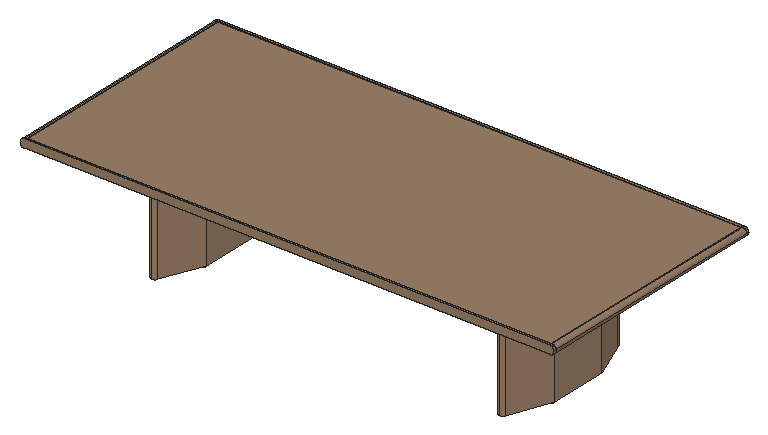
Revit family "Table-Teknion-CFTBFH_Figure_Table_Rectangular_Hexa_Panel_Base_Bullnose_Flat_Edge-R2023", category Furniture, Revit 2023 (continued)
Definition of nested family "Hexa Panel"
  Dimensions and locks (in)
    aligned and locked: curve 17 to cut or joined group of Sweep 1, Sweep 2, Sweep 3
    aligned and locked: curve 18 to cut or joined group of Sweep 1, Sweep 2, Sweep 3
    aligned and locked: curve 19 to cut or joined group of Sweep 1, Sweep 2, Sweep 3
    aligned and locked: curve 21 to cut or joined group of Sweep 1, Sweep 2, Sweep 3
    aligned and locked: curve 22 to cut or joined group of Sweep 1, Sweep 2, Sweep 3
    aligned and locked: curve 24 to cut or joined group of Sweep 1, Sweep 2, Sweep 3
    aligned and locked: curve 25 to cut or joined group of Sweep 1, Sweep 2, Sweep 3
    aligned and locked: curve 26 to cut or joined group of Sweep 1, Sweep 2, Sweep 3
    aligned and locked: curve 27 to cut or joined group of Sweep 1, Sweep 2, Sweep 3
    aligned and locked: curve 28 to cut or joined group of Sweep 1, Sweep 2, Sweep 3
    aligned and locked: curve 29 to cut or joined group of Revolve 4, Revolve 5, Revolve 6, Revolve 7, Revolve 8, Revolve 9, Sweep 10
    aligned and locked: curve 30 to cut or joined group of Revolve 4, Revolve 5, Revolve 6, Revolve 7, Revolve 8, Revolve 9, Sweep 10
    aligned and locked: curve 31 to cut or joined group of Revolve 4, Revolve 5, Revolve 6, Revolve 7, Revolve 8, Revolve 9, Sweep 10
    aligned and locked: curve 32 to cut or joined group of Revolve 4, Revolve 5, Revolve 6, Revolve 7, Revolve 8, Revolve 9, Sweep 10
    aligned and locked: curve 33 to cut or joined group of Revolve 4, Revolve 5, Revolve 6, Revolve 7, Revolve 8, Revolve 9, Sweep 10
    aligned and locked: curve 34 to cut or joined group of Revolve 4, Revolve 5, Revolve 6, Revolve 7, Revolve 8, Revolve 9, Sweep 10
    aligned and locked: curve 35 to cut or joined group of Revolve 4, Revolve 5, Revolve 6, Revolve 7, Revolve 8, Revolve 9, Sweep 10
    aligned and locked: curve 36 to cut or joined group of Revolve 4, Revolve 5, Revolve 6, Revolve 7, Revolve 8, Revolve 9, Sweep 10
    aligned and locked: curve 37 to cut or joined group of Revolve 4, Revolve 5, Revolve 6, Revolve 7, Revolve 8, Revolve 9, Sweep 10
    aligned and locked: curve 38 to cut or joined group of Revolve 4, Revolve 5, Revolve 6, Revolve 7, Revolve 8, Revolve 9, Sweep 10
    aligned and locked: curve 39 to cut or joined group of Revolve 4, Revolve 5, Revolve 6, Revolve 7, Revolve 8, Revolve 9, Sweep 10
    aligned and locked: curve 40 to cut or joined group of Revolve 4, Revolve 5, Revolve 6, Revolve 7, Revolve 8, Revolve 9, Sweep 10
    aligned and locked: curve 41 to cut or joined group of Revolve 4, Revolve 5, Revolve 6, Revolve 7, Revolve 8, Revolve 9, Sweep 10
    aligned and locked: curve 42 to cut or joined group of Revolve 4, Revolve 5, Revolve 6, Revolve 7, Revolve 8, Revolve 9, Sweep 10
    aligned and locked: curve 43 to cut or joined group of Revolve 4, Revolve 5, Revolve 6, Revolve 7, Revolve 8, Revolve 9, Sweep 10
    aligned and locked: curve 44 to cut or joined group of Revolve 4, Revolve 5, Revolve 6, Revolve 7, Revolve 8, Revolve 9, Sweep 10
    aligned and locked: curve 45 to cut or joined group of Revolve 4, Revolve 5, Revolve 6, Revolve 7, Revolve 8, Revolve 9, Sweep 10
    aligned and locked: curve 46 to cut or joined group of Revolve 4, Revolve 5, Revolve 6, Revolve 7, Revolve 8, Revolve 9, Sweep 10
    aligned and locked: curve 47 to cut or joined group of Revolve 4, Revolve 5, Revolve 6, Revolve 7, Revolve 8, Revolve 9, Sweep 10
    aligned and locked: curve 48 to cut or joined group of Revolve 4, Revolve 5, Revolve 6, Revolve 7, Revolve 8, Revolve 9, Sweep 10
    aligned and locked: curve 49 to cut or joined group of Revolve 4, Revolve 5, Revolve 6, Revolve 7, Revolve 8, Revolve 9, Sweep 10
    aligned and locked: curve 50 to cut or joined group of Revolve 4, Revolve 5, Revolve 6, Revolve 7, Revolve 8, Revolve 9, Sweep 10
    aligned and locked: curve 51 to cut or joined group of Revolve 4, Revolve 5, Revolve 6, Revolve 7, Revolve 8, Revolve 9, Sweep 10
    aligned and locked: curve 52 to cut or joined group of Revolve 4, Revolve 5, Revolve 6, Revolve 7, Revolve 8, Revolve 9, Sweep 10
    aligned and locked: curve 53 to cut or joined group of Revolve 4, Revolve 5, Revolve 6, Revolve 7, Revolve 8, Revolve 9, Sweep 10
    aligned and locked: curve 54 to cut or joined group of Revolve 4, Revolve 5, Revolve 6, Revolve 7, Revolve 8, Revolve 9, Sweep 10
    aligned and locked: curve 55 to cut or joined group of Revolve 4, Revolve 5, Revolve 6, Revolve 7, Revolve 8, Revolve 9, Sweep 10
    aligned and locked: curve 56 to cut or joined group of Revolve 4, Revolve 5, Revolve 6, Revolve 7, Revolve 8, Revolve 9, Sweep 10
    aligned and locked: curve 57 to cut or joined group of Revolve 4, Revolve 5, Revolve 6, Revolve 7, Revolve 8, Revolve 9, Sweep 10
    aligned and locked: curve 58 to cut or joined group of Revolve 4, Revolve 5, Revolve 6, Revolve 7, Revolve 8, Revolve 9, Sweep 10
    aligned and locked: curve 59 to cut or joined group of Revolve 4, Revolve 5, Revolve 6, Revolve 7, Revolve 8, Revolve 9, Sweep 10
    aligned and locked: curve 60 to cut or joined group of Revolve 4, Revolve 5, Revolve 6, Revolve 7, Revolve 8, Revolve 9, Sweep 10
    aligned and locked: curve 61 to cut or joined group of Revolve 4, Revolve 5, Revolve 6, Revolve 7, Revolve 8, Revolve 9, Sweep 10
    aligned and locked: curve 62 to cut or joined group of Revolve 4, Revolve 5, Revolve 6, Revolve 7, Revolve 8, Revolve 9, Sweep 10
    aligned and locked: curve 63 to cut or joined group of Revolve 4, Revolve 5, Revolve 6, Revolve 7, Revolve 8, Revolve 9, Sweep 10
    aligned and locked: curve 64 to cut or joined group of Revolve 4, Revolve 5, Revolve 6, Revolve 7, Revolve 8, Revolve 9, Sweep 10
    aligned and locked: curve 65 to cut or joined group of Revolve 4, Revolve 5, Revolve 6, Revolve 7, Revolve 8, Revolve 9, Sweep 10
    aligned and locked: curve 66 to cut or joined group of Revolve 4, Revolve 5, Revolve 6, Revolve 7, Revolve 8, Revolve 9, Sweep 10
    aligned and locked: curve 67 to cut or joined group of Revolve 4, Revolve 5, Revolve 6, Revolve 7, Revolve 8, Revolve 9, Sweep 10
    aligned and locked: curve 68 to cut or joined group of Revolve 4, Revolve 5, Revolve 6, Revolve 7, Revolve 8, Revolve 9, Sweep 10
    aligned and locked: curve 69 to cut or joined group of Revolve 4, Revolve 5, Revolve 6, Revolve 7, Revolve 8, Revolve 9, Sweep 10
    aligned and locked: curve 70 to cut or joined group of Revolve 4, Revolve 5, Revolve 6, Revolve 7, Revolve 8, Revolve 9, Sweep 10
    aligned and locked: curve 71 to cut or joined group of Revolve 4, Revolve 5, Revolve 6, Revolve 7, Revolve 8, Revolve 9, Sweep 10
    aligned and locked: curve 72 to cut or joined group of Revolve 4, Revolve 5, Revolve 6, Revolve 7, Revolve 8, Revolve 9, Sweep 10
    aligned and locked: curve 73 to cut or joined group of Revolve 4, Revolve 5, Revolve 6, Revolve 7, Revolve 8, Revolve 9, Sweep 10
    aligned and locked: curve 74 to cut or joined group of Revolve 4, Revolve 5, Revolve 6, Revolve 7, Revolve 8, Revolve 9, Sweep 10
    aligned and locked: curve 75 to cut or joined group of Revolve 4, Revolve 5, Revolve 6, Revolve 7, Revolve 8, Revolve 9, Sweep 10
    aligned and locked: curve 76 to cut or joined group of Revolve 4, Revolve 5, Revolve 6, Revolve 7, Revolve 8, Revolve 9, Sweep 10
    aligned and locked: curve 77 to plane 6 "Back"
    aligned and locked: plane 7 "Front" to curve 78
  Automatic sketch dimensions
    Sweep 1 sketch curve to profile plane = 0.000"  (x2)
    Sweep 3 sketch curve to profile plane = 0.000"  (x2)
    Revolve 4 sketch curve to level = 0.69828"
    plane 13 to Revolve 4 sketch curve = 0.15926"
    Revolve 5 sketch curve to plane 13 = 0.07146"
    Revolve 5 sketch curve to level = 0.48144"
    Revolve 6 sketch curve to plane 13 = 0.0769"
    Revolve 6 sketch curve to level = 0.3269"
    level to Revolve 7 sketch curve = 0.23252"
    plane 13 to Revolve 7 sketch curve = 0.09564"
    level to Revolve 9 sketch curve = 0.54196"
    Revolve 9 sketch curve to plane 13 = 0.1177"
    level to Revolve 8 sketch curve = 0.45393"
    plane 13 to Revolve 8 sketch curve = 0.08613"
    curve 4 to plane 3 "Center Left/Right" = 0.000"
    curve 9 to plane 3 "Center Left/Right" = 0.000"
    curve 5 to curve 13 = 0.02292"
    curve 14 to curve 2 = 0.02292"
    curve 23 to curve 24 = 0.000"
    curve 25 to plane 3 "Center Left/Right" = 0.000"
    plane 10 "2" to curve 19 = 0.19941"
    curve 28 to plane 3 "Center Left/Right" = 0.000"
    plane 11 "4" to curve 65 = 0.000"
    plane 11 "4" to curve 66 = 0.000"
    plane 12 "3" to curve 67 = 0.000"
    plane 12 "3" to curve 68 = 0.000"
    plane 12 "3" to curve 69 = 0.000"
    plane 12 "3" to curve 70 = 0.000"
    curve 71 to plane 10 "2" = 0.000"
    curve 72 to plane 10 "2" = 0.000"
    curve 73 to plane 10 "2" = 0.000"
    curve 74 to plane 10 "2" = 0.000"
    curve 75 to plane 9 "1" = 0.000"  (x2)
    curve 3 to curve 16 = 0.02969"
    curve 16 to curve 4 = 0.02969"
    curve 10 to curve 11 = 0.02969"
    curve 11 to curve 9 = 0.02969"
Definition of nested family "12 Inch Standard Recessed Access Door"
  Parameters (values of type "12 Inch Compact Recessed Access Door")
    Warranty = "http://www.teknion.com/ca/papers/legal-canada"
    Unit Weight URL = "http://www.teknion.com/ca/tools/assets#&asset=bee6a381-b954-425e-8283-5a2de3a804f2,f828d448-4b62-4231-9e5f-9a8991c0ed77"
    URL = "www.teknion.com"
    To render please download texture images found here [instance] = "https://assets.teknion.com/web/5e81352c1dfdb467/revit-material-swatches/"
    Sustainability Data = "https://www.teknion.com/ca/tools/assets#&topic=216f99a5-57a0-44fc-b10a-9dee9b29ae4c&asset=444deb64-fe58-4b68-981e-f75e97781df7,b4ff2d81-9f2e-437d-9659-7cffb09c31cf"
    Series = ""
    Product Page URL = ""
    Product Line = ""
    Product Documentation Link = ""
    Part Number = ""
    Model = "1"
    Manufacturer Phone = "416-661-3370"  # constant formula
    Manufacturer Fax = "416.661.4586"  # constant formula
    Manufacturer Contact Information = "http://www.teknion.com/ca/contactus"
    Manufacturer Address = "1150 Flint Road, Toronto, ON. M3J 2J5. Canada"  # constant formula
    Manufacturer = "Teknion"  # constant formula
    How To Use Teknion Materials User Guide [instance] = "https://assets.teknion.com/m/205dd0a49fa58060/original/How-to-add-a-Material-Library-and-Texture-Images-to-your-Revit-project.pdf"
    For Additional Finishes please visit [instance] = "https://assets.teknion.com/m/44a8009b046e5d47/original/Teknion_Materials_Library.zip"
    Finish [instance] = none
    Description = "12 Inch Compact Recessed Access Door"
    Default Elevation = 0.000"
    Assembly Code = "E2020200"
  Reference planes (in)
    plane 1 "Center Front/Back": y = -150
    plane 2: z = 0
    plane 3 "Center Left/Right": x = 1350
    plane 4 "Left": x = 1343.97244
    plane 5 "Right": x = 1356.02756
    plane 6 "Back": y = -147.19685
    plane 7 "Front": y = -152.80315
    plane 8 "Top": z = 29.06
    plane 9: z = 29.13087
    plane 10: z = 27.55606
  Forms (in)
    Sweep 1, solid, material <- "Finish"
      path origin (0, -150, 0) x (1, 0, 0) y (0, 0, 1)
        loop
          line (1350, 29.0915) -> (1350, 28.93402)
      profile origin (1350, -150, 29.01276) x (0, -1, 0) y (1, 0, 0)
        loop
          line (-1.96727, 5.55118) -> (-1.96727, -5.55118)
          arc (-1.96727, -5.55118) -> (-1.93304, -5.63382) -> (-1.85039, -5.66805) r 0.11687
          line (-1.85039, -5.66805) -> (1.85039, -5.66805)
          arc (1.85039, -5.66805) -> (1.93304, -5.63382) -> (1.96727, -5.55118) r 0.11687
          line (1.96727, -5.55118) -> (1.96727, 5.55118)
          arc (1.96727, 5.55118) -> (1.93304, 5.63382) -> (1.85039, 5.66805) r 0.11687
          line (1.85039, 5.66805) -> (-1.85039, 5.66805)
          arc (-1.85039, 5.66805) -> (-1.93304, 5.63382) -> (-1.96727, 5.55118) r 0.11687
    Sweep 2, solid, material <- "Finish"
      path origin (0, 0, 0) x (1, 0, 0) y (0, 1, 0)
        loop
          line (1345.02559, -150.97077) -> (1345.50591, -150.97077)
      profile origin (1345.26575, -150.97077, 0) x (0, 1, 0) y (0, 0, 1)
        loop
          arc (-0.58221, 28.65831) -> (-0.29695, 28.37305) -> (-0.01169, 28.65831) r 0.28526
          line (-0.01169, 28.65831) -> (0, 28.99307) -> (-0.5939, 28.99307) -> (-0.58221, 28.65831)
    Sweep 3, solid, material <- "Finish"
      path origin (4.42913, 2.53543, 0) x (1, 0, 0) y (0, 1, 0)
        loop
          line (1350.06496, -150.97077) -> (1350.54528, -150.97077)
      profile origin (1354.73425, -148.43533, 0) x (0, 1, 0) y (0, 0, 1)
        loop
          arc (-0.58221, 28.65831) -> (-0.29695, 28.37305) -> (-0.01169, 28.65831) r 0.28526
          line (-0.01169, 28.65831) -> (0, 28.99307) -> (-0.5939, 28.99307) -> (-0.58221, 28.65831)
    Sweep 4, solid, material <- "Finish"
      path origin (0, 0, 0) x (1, 0, 0) y (0, 1, 0)
        loop
          line (1344.95276, -150) -> (1344.53543, -150)
      profile origin (1344.74409, -150, 0) x (0, -1, 0) y (0, 0, 1)
        loop
          line (1.26772, 28.9537) -> (-1.26772, 28.9537)
          arc (-1.26772, 28.9537) -> (-1.46955, 28.8701) -> (-1.55315, 28.66827) r 0.28543
          arc (-1.55315, 28.66827) -> (-1.46955, 28.46644) -> (-1.26772, 28.38283) r 0.28543
          line (-1.26772, 28.38283) -> (1.26772, 28.38283)
          arc (1.26772, 28.38283) -> (1.46955, 28.46644) -> (1.55315, 28.66827) r 0.28543
          arc (1.55315, 28.66827) -> (1.46955, 28.8701) -> (1.26772, 28.9537) r 0.28543
    Sweep 5, solid, material <- "Finish"
      path origin (2700, 0, 0) x (-1, 0, 0) y (0, -1, 0)
        loop
          line (1344.95276, 150) -> (1344.53543, 150)
      profile origin (1355.25591, -150, 0) x (0, 1, 0) y (0, 0, 1)
        loop
          arc (-1.26772, 28.9537) -> (-1.46955, 28.8701) -> (-1.55315, 28.66827) r 0.28543
          arc (-1.55315, 28.66827) -> (-1.46955, 28.46644) -> (-1.26772, 28.38283) r 0.28543
          line (-1.26772, 28.38283) -> (1.26772, 28.38283)
          arc (1.26772, 28.38283) -> (1.46955, 28.46644) -> (1.55315, 28.66827) r 0.28543
          arc (1.55315, 28.66827) -> (1.46955, 28.8701) -> (1.26772, 28.9537) r 0.28543
          line (1.26772, 28.9537) -> (-1.26772, 28.9537)
    Sweep 6, solid, material <- "Finish"
      path origin (0, -150, 0) x (1, 0, 0) y (0, 0, 1)
        loop
          line (1350, 28.30172) -> (1350, 27.55606)
      profile origin (1350, -150, 27.92889) x (0, -1, 0) y (1, 0, 0)
        loop
          line (1.35626, -5.83069) -> (2.28346, -5.83069)
          arc (2.28346, -5.83069) -> (2.51173, -5.73614) -> (2.60628, -5.50787) r 0.32281
          line (2.60628, -5.50787) -> (2.60628, 5.50787)
          arc (2.60628, 5.50787) -> (2.51173, 5.73614) -> (2.28346, 5.83069) r 0.32281
          line (2.28346, 5.83069) -> (1.35626, 5.83069) -> (-1.35626, 5.83069) -> (-2.28346, 5.83069)
          arc (-2.28346, 5.83069) -> (-2.51173, 5.73614) -> (-2.60628, 5.50787) r 0.32281
          line (-2.60628, 5.50787) -> (-2.60628, -5.50787)
          arc (-2.60628, -5.50787) -> (-2.51173, -5.73614) -> (-2.28346, -5.83069) r 0.32281
          line (-2.28346, -5.83069) -> (-1.35626, -5.83069) -> (1.35626, -5.83069)
        loop
          arc (2.28346, -5.74014) -> (2.4477, -5.67211) -> (2.51573, -5.50787) r 0.23226
          line (2.51573, -5.50787) -> (2.51573, 5.50787)
          arc (2.51573, 5.50787) -> (2.4477, 5.67211) -> (2.28346, 5.74014) r 0.23226
          line (2.28346, 5.74014) -> (1.44686, 5.74014) -> (1.44686, 5.10236) -> (-1.44686, 5.10236) -> (-1.44686, 5.74014) -> (-2.28346, 5.74014)
          arc (-2.28346, 5.74014) -> (-2.4477, 5.67211) -> (-2.51573, 5.50787) r 0.23226
          line (-2.51573, 5.50787) -> (-2.51573, -5.50787)
          arc (-2.51573, -5.50787) -> (-2.4477, -5.67211) -> (-2.28346, -5.74014) r 0.23226
          line (-2.28346, -5.74014) -> (-1.44686, -5.74014) -> (-1.44686, -5.10236) -> (1.44686, -5.10236) -> (1.44686, -5.74014) -> (2.28346, -5.74014)
    SweptBlend 7, solid, material <- "Finish"
      path origin (0, -150, 0) x (1, 0, 0) y (0, 0, 1)
        loop
          line (1350, 28.30172) -> (1350, 29.06)
      profile origin (1350, -150, 28.30172) x (-1, 0, 0) y (0, -1, 0)
        loop
          line (5.50787, 2.60628) -> (-5.50787, 2.60628)
          arc (-5.50787, 2.60628) -> (-5.73614, 2.51173) -> (-5.83069, 2.28346) r 0.32281
          line (-5.83069, 2.28346) -> (-5.83069, -2.28346)
          arc (-5.83069, -2.28346) -> (-5.73614, -2.51173) -> (-5.50787, -2.60628) r 0.32281
          line (-5.50787, -2.60628) -> (5.50787, -2.60628)
          arc (5.50787, -2.60628) -> (5.73614, -2.51173) -> (5.83069, -2.28346) r 0.32281
          line (5.83069, -2.28346) -> (5.83069, 2.28346)
          arc (5.83069, 2.28346) -> (5.73614, 2.51173) -> (5.50787, 2.60628) r 0.32281
      end profile origin (1350, -150, 29.06) x (-1, 0, 0) y (0, -1, 0)
        loop
          line (5.50787, 2.64602) -> (-5.50787, 2.64602)
          arc (-5.50787, 2.64602) -> (-5.76424, 2.53983) -> (-5.87043, 2.28346) r 0.36255
          line (-5.87043, 2.28346) -> (-5.87043, -2.28346)
          arc (-5.87043, -2.28346) -> (-5.76424, -2.53983) -> (-5.50787, -2.64602) r 0.36255
          line (-5.50787, -2.64602) -> (5.50787, -2.64602)
          arc (5.50787, -2.64602) -> (5.76424, -2.53983) -> (5.87043, -2.28346) r 0.36255
          line (5.87043, -2.28346) -> (5.87043, 2.28346)
          arc (5.87043, 2.28346) -> (5.76424, 2.53983) -> (5.50787, 2.64602) r 0.36255
    SweptBlend 8, void
      path origin (0, -150, 0) x (1, 0, 0) y (0, 0, 1)
        loop
          line (1350, 28.30172) -> (1350, 29.13087)
      profile origin (1350, -150, 28.30172) x (-1, 0, 0) y (0, -1, 0)
        loop
          arc (-5.50787, 2.51573) -> (-5.67211, 2.4477) -> (-5.74014, 2.28346) r 0.23226
          line (-5.74014, 2.28346) -> (-5.74014, -2.28346)
          arc (-5.74014, -2.28346) -> (-5.67211, -2.4477) -> (-5.50787, -2.51573) r 0.23226
          line (-5.50787, -2.51573) -> (5.50787, -2.51573)
          arc (5.50787, -2.51573) -> (5.67211, -2.4477) -> (5.74014, -2.28346) r 0.23226
          line (5.74014, -2.28346) -> (5.74014, 2.28346)
          arc (5.74014, 2.28346) -> (5.67211, 2.4477) -> (5.50787, 2.51573) r 0.23226
          line (5.50787, 2.51573) -> (-5.50787, 2.51573)
      end profile origin (1350, -150, 29.13087) x (-1, 0, 0) y (0, -1, 0)
        loop
          arc (5.78346, 2.28346) -> (5.70275, 2.47834) -> (5.50787, 2.55906) r 0.27559
          line (5.50787, 2.55906) -> (-5.50787, 2.55906)
          arc (-5.50787, 2.55906) -> (-5.70275, 2.47834) -> (-5.78346, 2.28346) r 0.27559
          line (-5.78346, 2.28346) -> (-5.78346, -2.28346)
          arc (-5.78346, -2.28346) -> (-5.70275, -2.47834) -> (-5.50787, -2.55906) r 0.27559
          line (-5.50787, -2.55906) -> (5.50787, -2.55906)
          arc (5.50787, -2.55906) -> (5.70275, -2.47834) -> (5.78346, -2.28346) r 0.27559
          line (5.78346, -2.28346) -> (5.78346, 2.28346)
    Sweep 9, solid, material <- "Finish"
      path origin (0, -150, 0) x (1, 0, 0) y (0, 0, 1)
        loop
          line (1350, 29.13087) -> (1350, 29.06)
      profile origin (1350, -150, 29.09543) x (0, -1, 0) y (1, 0, 0)
        loop
          arc (-2.80315, -5.56299) -> (-2.66708, -5.89149) -> (-2.33858, -6.02756) r 0.46457
          line (-2.33858, -6.02756) -> (2.33858, -6.02756)
          arc (2.33858, -6.02756) -> (2.66708, -5.89149) -> (2.80315, -5.56299) r 0.46457
          line (2.80315, -5.56299) -> (2.80315, 5.56299)
          arc (2.80315, 5.56299) -> (2.66708, 5.89149) -> (2.33858, 6.02756) r 0.46457
          line (2.33858, 6.02756) -> (-2.33858, 6.02756)
          arc (-2.33858, 6.02756) -> (-2.66708, 5.89149) -> (-2.80315, 5.56299) r 0.46457
          line (-2.80315, 5.56299) -> (-2.80315, -5.56299)
        loop
          arc (-2.55535, -5.50787) -> (-2.47572, -5.70013) -> (-2.28346, -5.77976) r 0.27189
          line (-2.28346, -5.77976) -> (2.28346, -5.77976)
          arc (2.28346, -5.77976) -> (2.47572, -5.70013) -> (2.55535, -5.50787) r 0.27189
          line (2.55535, -5.50787) -> (2.55535, 5.50787)
          arc (2.55535, 5.50787) -> (2.47572, 5.70013) -> (2.28346, 5.77976) r 0.27189
          line (2.28346, 5.77976) -> (-2.28346, 5.77976)
          arc (-2.28346, 5.77976) -> (-2.47572, 5.70013) -> (-2.55535, 5.50787) r 0.27189
          line (-2.55535, 5.50787) -> (-2.55535, -5.50787)
    Sweep 10, solid, material <- "Finish"
      path origin (0, 0, 0) x (1, 0, 0) y (0, 1, 0)
        loop
          line (1344.50394, -150) -> (1344.19923, -150)
      profile origin (1344.35158, -150, 0) x (0, -1, 0) y (0, 0, 1)
        loop
          line (-1.55173, 28.30409) -> (-1.47299, 28.30409) -> (-1.47161, 28.34346) -> (1.47161, 28.34346) -> (1.47299, 28.30409) -> (1.55173, 28.30409) -> (1.53742, 28.71391)
          arc (1.53742, 28.71391) -> (1.46543, 28.87559) -> (1.30134, 28.94189) r 0.23622
          line (1.30134, 28.94189) -> (-1.30134, 28.94189)
          arc (-1.30134, 28.94189) -> (-1.46543, 28.87559) -> (-1.53742, 28.71391) r 0.23622
          line (-1.53742, 28.71391) -> (-1.55173, 28.30409)
    Sweep 11, solid, material <- "Finish"
      path origin (2700, 0, 0) x (-1, 0, 0) y (0, -1, 0)
        loop
          line (1344.50394, 150) -> (1344.19923, 150)
      profile origin (1355.64842, -150, 0) x (0, 1, 0) y (0, 0, 1)
        loop
          line (1.55173, 28.30409) -> (1.53742, 28.71391)
          arc (1.53742, 28.71391) -> (1.46543, 28.87559) -> (1.30134, 28.94189) r 0.23622
          line (1.30134, 28.94189) -> (-1.30134, 28.94189)
          arc (-1.30134, 28.94189) -> (-1.46543, 28.87559) -> (-1.53742, 28.71391) r 0.23622
          line (-1.53742, 28.71391) -> (-1.55173, 28.30409) -> (-1.47299, 28.30409) -> (-1.47161, 28.34346) -> (1.47161, 28.34346) -> (1.47299, 28.30409) -> (1.55173, 28.30409)
  Cuts and joins
    joined: Sweep 2, Sweep 3
    SweptBlend 8 cuts SweptBlend 7
    joined: Sweep 6, SweptBlend 7, Sweep 9, Sweep 10, Sweep 11
  Lines and regions (in)
    Masking region 1
      outline origin (-2.51969, 0, 0) x (1, 0, 0) y (0, 1, 0)
        loop
          line (1358.08268, -147.19685) -> (1346.95669, -147.19685)
          arc (1346.95669, -147.19685) -> (1346.62819, -147.33292) -> (1346.49213, -147.66142) r 0.46457
          line (1346.49213, -147.66142) -> (1346.49213, -152.33858)
          arc (1346.49213, -152.33858) -> (1346.62819, -152.66708) -> (1346.95669, -152.80315) r 0.46457
          line (1346.95669, -152.80315) -> (1358.08268, -152.80315)
          arc (1358.08268, -152.80315) -> (1358.41118, -152.66708) -> (1358.54724, -152.33858) r 0.46457
          line (1358.54724, -152.33858) -> (1358.54724, -147.66142)
          arc (1358.54724, -147.66142) -> (1358.41118, -147.33292) -> (1358.08268, -147.19685) r 0.46457
        loop
          line (1346.77955, -148.44827) -> (1346.85163, -148.44827) -> (1346.85163, -148.14961)
          arc (1346.85163, -148.14961) -> (1346.88586, -148.06696) -> (1346.9685, -148.03273) r 0.11687
          line (1346.9685, -148.03273) -> (1358.07087, -148.03273)
          arc (1358.07087, -148.03273) -> (1358.15351, -148.06696) -> (1358.18774, -148.14961) r 0.11687
          line (1358.18774, -148.14961) -> (1358.18774, -148.44827) -> (1358.25982, -148.44827) -> (1358.25982, -147.71654)
          arc (1358.25982, -147.71654) -> (1358.19179, -147.5523) -> (1358.02756, -147.48427) r 0.23226
          line (1358.02756, -147.48427) -> (1347.01181, -147.48427)
          arc (1347.01181, -147.48427) -> (1346.84758, -147.5523) -> (1346.77955, -147.71654) r 0.23226
          line (1346.77955, -147.71654) -> (1346.77955, -148.44827)
        loop
          line (1346.77955, -151.55173) -> (1346.77955, -152.28346)
          arc (1346.77955, -152.28346) -> (1346.84758, -152.4477) -> (1347.01181, -152.51573) r 0.23226
          line (1347.01181, -152.51573) -> (1358.02756, -152.51573)
          arc (1358.02756, -152.51573) -> (1358.19179, -152.4477) -> (1358.25982, -152.28346) r 0.23226
          line (1358.25982, -152.28346) -> (1358.25982, -151.55173) -> (1358.18774, -151.55173) -> (1358.18774, -151.85039)
          arc (1358.18774, -151.85039) -> (1358.15351, -151.93304) -> (1358.07087, -151.96727) r 0.11687
          line (1358.07087, -151.96727) -> (1346.9685, -151.96727)
          arc (1346.9685, -151.96727) -> (1346.88586, -151.93304) -> (1346.85163, -151.85039) r 0.11687
          line (1346.85163, -151.85039) -> (1346.85163, -151.55173) -> (1346.77955, -151.55173)
    symbolic lines
      curve 1: line (1344.22024, -152.28346, 0) -> (1344.22024, -147.71654, 0)
      curve 2: line (1344.49213, -147.44465, 0) -> (1355.50787, -147.44465, 0)
      curve 3: arc (1344.22024, -147.71654, 0) -> (1344.29987, -147.52428, 0) -> (1344.49213, -147.44465, 0) r 0.27189
      curve 4: line (1355.77976, -147.71654, 0) -> (1355.77976, -152.28346, 0)
      curve 5: arc (1355.50787, -147.44465, 0) -> (1355.70013, -147.52428, 0) -> (1355.77976, -147.71654, 0) r 0.27189
      curve 6: line (1355.50787, -152.55535, 0) -> (1344.49213, -152.55535, 0)
      curve 7: arc (1355.77976, -152.28346, 0) -> (1355.70013, -152.47572, 0) -> (1355.50787, -152.55535, 0) r 0.27189
      curve 8: arc (1344.49213, -152.55535, 0) -> (1344.29987, -152.47572, 0) -> (1344.22024, -152.28346, 0) r 0.27189
      curve 9: line (1344.33195, -148.14961, 0) -> (1344.33195, -151.85039, 0)
      curve 10: line (1355.66805, -151.85039, 0) -> (1355.66805, -148.14961, 0)
      curve 11: line (1344.25986, -147.71654, 0) -> (1344.25986, -152.28346, 0)
      curve 12: line (1355.74014, -147.71654, 0) -> (1355.74014, -152.28346, 0)
      curve 41: line (1344.33195, -148.14961, 0) -> (1344.33195, -151.85039, 0)
      curve 42: line (1355.55118, -148.03273, 0) -> (1344.44882, -148.03273, 0)
      curve 43: arc (1344.44882, -148.03273, 0) -> (1344.36618, -148.06696, 0) -> (1344.33195, -148.14961, 0) r 0.11687
      curve 44: line (1355.66805, -151.85039, 0) -> (1355.66805, -148.14961, 0)
      curve 45: arc (1355.66805, -148.14961, 0) -> (1355.63382, -148.06696, 0) -> (1355.55118, -148.03273, 0) r 0.11687
      curve 46: line (1344.44882, -151.96727, 0) -> (1355.55118, -151.96727, 0)
      curve 47: arc (1355.55118, -151.96727, 0) -> (1355.63382, -151.93304, 0) -> (1355.66805, -151.85039, 0) r 0.11687
      curve 48: arc (1344.33195, -151.85039, 0) -> (1344.36618, -151.93304, 0) -> (1344.44882, -151.96727, 0) r 0.11687
      curve 49: line (1344.25986, -152.28346, 0) -> (1344.25986, -151.55173, 0)
      curve 50: line (1355.50787, -152.51573, 0) -> (1344.49213, -152.51573, 0)
      curve 51: arc (1344.49213, -152.51573, 0) -> (1344.32789, -152.4477, 0) -> (1344.25986, -152.28346, 0) r 0.23226
      curve 52: line (1355.74014, -151.55173, 0) -> (1355.74014, -152.28346, 0)
      curve 53: arc (1355.74014, -152.28346, 0) -> (1355.67211, -152.4477, 0) -> (1355.50787, -152.51573, 0) r 0.23226
      curve 54: line (1344.25986, -148.44827, 0) -> (1344.25986, -147.71654, 0)
      curve 55: line (1344.49213, -147.48427, 0) -> (1355.50787, -147.48427, 0)
      curve 56: arc (1344.25986, -147.71654, 0) -> (1344.32789, -147.5523, 0) -> (1344.49213, -147.48427, 0) r 0.23226
      curve 57: line (1355.74014, -147.71654, 0) -> (1355.74014, -148.44827, 0)
      curve 58: arc (1355.50787, -147.48427, 0) -> (1355.67211, -147.5523, 0) -> (1355.74014, -147.71654, 0) r 0.23226
      curve 59: line (1355.56299, -147.19685, 0) -> (1344.43701, -147.19685, 0)
      curve 60: arc (1344.43701, -147.19685, 0) -> (1344.10851, -147.33292, 0) -> (1343.97244, -147.66142, 0) r 0.46457
      curve 61: line (1343.97244, -147.66142, 0) -> (1343.97244, -152.33858, 0)
      curve 62: arc (1343.97244, -152.33858, 0) -> (1344.10851, -152.66708, 0) -> (1344.43701, -152.80315, 0) r 0.46457
      curve 63: line (1344.43701, -152.80315, 0) -> (1355.56299, -152.80315, 0)
      curve 64: arc (1355.56299, -152.80315, 0) -> (1355.89149, -152.66708, 0) -> (1356.02756, -152.33858, 0) r 0.46457
      curve 65: line (1356.02756, -152.33858, 0) -> (1356.02756, -147.66142, 0)
      curve 66: arc (1356.02756, -147.66142, 0) -> (1355.89149, -147.33292, 0) -> (1355.56299, -147.19685, 0) r 0.46457
    symbolic lines, detail levels medium+fine
      curve 13: line (1345.02559, -150.97283, 0) -> (1345.50591, -150.97283, 0)
      curve 14: line (1345.50591, -150.97283, 0) -> (1345.50591, -151.5626, 0)
      curve 15: line (1345.50591, -151.5626, 0) -> (1345.02559, -151.5626, 0)
      curve 16: line (1345.02559, -151.5626, 0) -> (1345.02559, -150.97283, 0)
      curve 17: line (1354.49409, -148.4374, 0) -> (1354.97441, -148.4374, 0)
      curve 18: line (1354.49409, -149.02717, 0) -> (1354.49409, -148.4374, 0)
      curve 19: line (1354.97441, -149.02717, 0) -> (1354.49409, -149.02717, 0)
      curve 20: line (1354.97441, -148.4374, 0) -> (1354.97441, -149.02717, 0)
      curve 21: line (1344.53543, -148.44685, 0) -> (1344.95276, -148.44685, 0)
      curve 22: line (1344.53543, -151.55315, 0) -> (1344.53543, -148.44685, 0)
      curve 23: line (1344.95276, -151.55315, 0) -> (1344.53543, -151.55315, 0)
      curve 24: line (1344.95276, -148.44685, 0) -> (1344.95276, -151.55315, 0)
      curve 25: line (1344.50394, -151.55173, 0) -> (1344.22024, -151.55173, 0)
      curve 26: line (1344.50394, -151.55173, 0) -> (1344.50394, -148.44827, 0)
      curve 27: line (1344.50394, -148.44827, 0) -> (1344.22024, -148.44827, 0)
      curve 28: line (1344.25986, -148.55314, 0) -> (1344.89764, -148.55314, 0)
      curve 29: line (1344.89764, -148.55314, 0) -> (1344.89764, -151.44686, 0)
      curve 30: line (1344.89764, -151.44686, 0) -> (1344.25986, -151.44686, 0)
      curve 31: line (1355.46457, -148.44685, 0) -> (1355.04724, -148.44685, 0)
      curve 32: line (1355.46457, -151.55315, 0) -> (1355.46457, -148.44685, 0)
      curve 33: line (1355.04724, -151.55315, 0) -> (1355.46457, -151.55315, 0)
      curve 34: line (1355.04724, -148.44685, 0) -> (1355.04724, -151.55315, 0)
      curve 35: line (1355.49606, -151.55173, 0) -> (1355.77976, -151.55173, 0)
      curve 36: line (1355.49606, -151.55173, 0) -> (1355.49606, -148.44827, 0)
      curve 37: line (1355.49606, -148.44827, 0) -> (1355.77976, -148.44827, 0)
      curve 38: line (1355.74014, -148.55314, 0) -> (1355.10236, -148.55314, 0)
      curve 39: line (1355.10236, -148.55314, 0) -> (1355.10236, -151.44686, 0)
      curve 40: line (1355.10236, -151.44686, 0) -> (1355.74014, -151.44686, 0)
  Dimensions and locks (in)
    plane 4 "Left" to plane 5 "Right" = 12.05512"
    plane 6 "Back" to plane 7 "Front" = 5.6063"
    locked: plane 8 "Top" to level at 29.06
    equal spacing: plane 7 "Front", plane 1 "Center Front/Back", plane 6 "Back"
    equal spacing: plane 4 "Left", plane 3 "Center Left/Right", plane 5 "Right"
    plane 9 to plane 8 "Top" to plane 10 = 0.07087" locked, 1.50394" locked
    aligned and locked: level to plane 2
    aligned and locked: Sweep 6 sketch curve to plane 3 "Center Left/Right"
    aligned and locked: plane 3 "Center Left/Right" to SweptBlend 8 sketch curve
    aligned and locked: Sweep 10 sketch curve to plane 1 "Center Front/Back"
  Automatic sketch dimensions
    Sweep 1 sketch curve to plane 3 "Center Left/Right" = 0.000"
    Sweep 1 sketch curve to plane 8 "Top" = 0.12598"
    plane 8 "Top" to Sweep 1 sketch curve = 0.0315"
    Sweep 1 sketch curve to plane 1 "Center Front/Back" = 1.96727"
    Sweep 1 sketch curve to Sweep 1 sketch curve = 0.11687"  (x3)
    plane 1 "Center Front/Back" to Sweep 1 sketch curve = 1.85039"  (x2)
    profile plane to Sweep 1 sketch curve = 5.66805"
    Sweep 1 sketch curve to profile plane = 5.55118"
    plane 4 "Left" to Sweep 2 sketch curve = 1.05315"
    plane 1 "Center Front/Back" to Sweep 2 sketch curve = 0.97077"
    Sweep 2 sketch curve to Sweep 2 sketch curve = 0.48031"
    Sweep 2 sketch curve to profile plane = 0.000"
    profile plane to Sweep 2 sketch curve = 0.01169"
    Sweep 2 sketch curve to Sweep 2 sketch curve = 0.28526"
    Sweep 2 sketch curve to Sweep 2 sketch curve = 0.01169"
    level to Sweep 2 sketch curve = 28.65831"
    Sweep 2 sketch curve to Sweep 2 sketch curve = 0.33476"
    plane 5 "Right" to Sweep 3 sketch curve = 1.53346"
    Sweep 3 sketch curve to plane 6 "Back" = 1.23848"
    Sweep 3 sketch curve to Sweep 3 sketch curve = 0.48031"
    Sweep 3 sketch curve to profile plane = 0.000"
    profile plane to Sweep 3 sketch curve = 0.01169"
    Sweep 3 sketch curve to Sweep 3 sketch curve = 0.28526"
    Sweep 3 sketch curve to Sweep 3 sketch curve = 0.01169"
    level to Sweep 3 sketch curve = 28.65831"
    Sweep 3 sketch curve to Sweep 3 sketch curve = 0.33476"
    plane 1 "Center Front/Back" to Sweep 4 sketch curve = 0.000"
    plane 4 "Left" to Sweep 4 sketch curve = 0.56299"
    Sweep 4 sketch curve to Sweep 4 sketch curve = 0.41732"
    Sweep 4 sketch curve to Sweep 4 sketch curve = 0.000"  (x4)
    profile plane to Sweep 4 sketch curve = 1.26772"
    Sweep 4 sketch curve to profile plane = 1.26772"
    level to Sweep 4 sketch curve = 28.38283"
    Sweep 4 sketch curve to Sweep 4 sketch curve = 0.28543"
    plane 1 "Center Front/Back" to Sweep 5 sketch curve = 0.000"
    plane 5 "Right" to Sweep 5 sketch curve = 0.56299"
    Sweep 5 sketch curve to Sweep 5 sketch curve = 0.41732"
    Sweep 5 sketch curve to Sweep 5 sketch curve = 0.000"  (x4)
    profile plane to Sweep 5 sketch curve = 1.26772"
    Sweep 5 sketch curve to profile plane = 1.26772"
    level to Sweep 5 sketch curve = 28.38283"
    Sweep 5 sketch curve to Sweep 5 sketch curve = 0.28543"
    Sweep 6 sketch curve to plane 10 = 0.000"
    Sweep 6 sketch curve to Sweep 6 sketch curve = 0.74566"
    Sweep 6 sketch curve to Sweep 6 sketch curve = 0.000"  (x8)
    Sweep 6 sketch curve to plane 1 "Center Front/Back" = 2.60628"
    Sweep 6 sketch curve to Sweep 6 sketch curve = 0.09055"  (x2)
    Sweep 6 sketch curve to Sweep 6 sketch curve = 0.23226"  (x3)
    Sweep 6 sketch curve to Sweep 6 sketch curve = 0.8366"  (x4)
    Sweep 6 sketch curve to Sweep 6 sketch curve = 0.09061"  (x4)
    plane 1 "Center Front/Back" to Sweep 6 sketch curve = 1.35626"  (x2)
    profile plane to Sweep 6 sketch curve = 5.83069"
    Sweep 6 sketch curve to Sweep 6 sketch curve = 0.63777"
    Sweep 6 sketch curve to profile plane = 5.10236"
    Sweep 6 sketch curve to Sweep 6 sketch curve = 0.40551"
    SweptBlend 7 sketch curve to plane 3 "Center Left/Right" = 0.000"
    SweptBlend 7 sketch curve to plane 8 "Top" = 0.000"
    plane 10 to SweptBlend 7 sketch curve = 0.74566"
    profile plane to SweptBlend 7 sketch curve = 5.83069"
    SweptBlend 7 sketch curve to SweptBlend 7 sketch curve = 0.32281"  (x3)
    SweptBlend 7 sketch curve to profile plane = 5.50787"  (x3)
    SweptBlend 7 sketch curve to plane 1 "Center Front/Back" = 2.60628"
    plane 1 "Center Front/Back" to SweptBlend 7 sketch curve = 2.28346"  (x2)
    SweptBlend 8 sketch curve to plane 9 = 0.000"
    plane 10 to SweptBlend 8 sketch curve = 0.74566"
    profile plane to SweptBlend 8 sketch curve = 5.74014"
    SweptBlend 8 sketch curve to SweptBlend 8 sketch curve = 0.23226"  (x3)
    SweptBlend 8 sketch curve to profile plane = 5.50787"  (x4)
    SweptBlend 8 sketch curve to plane 1 "Center Front/Back" = 2.51573"
    plane 1 "Center Front/Back" to SweptBlend 8 sketch curve = 2.28346"  (x2)
    profile plane to SweptBlend 8 sketch curve = 5.78346"
    SweptBlend 8 sketch curve to SweptBlend 8 sketch curve = 0.27559"  (x3)
    SweptBlend 8 sketch curve to plane 1 "Center Front/Back" = 2.28346"
    Sweep 9 sketch curve to plane 3 "Center Left/Right" = 0.000"
    Sweep 9 sketch curve to plane 8 "Top" = 0.000"
    Sweep 9 sketch curve to plane 9 = 0.000"
    Sweep 9 sketch curve to plane 1 "Center Front/Back" = 2.80315"
    Sweep 9 sketch curve to Sweep 9 sketch curve = 0.2478"  (x2)
    Sweep 9 sketch curve to Sweep 9 sketch curve = 0.21677"  (x4)
    Sweep 9 sketch curve to Sweep 9 sketch curve = 0.05512"  (x5)
    plane 1 "Center Front/Back" to Sweep 9 sketch curve = 2.28346"  (x2)
    profile plane to Sweep 9 sketch curve = 6.02756"
    Sweep 9 sketch curve to profile plane = 5.50787"
    plane 4 "Left" to Sweep 10 sketch curve = 0.22679"
    Sweep 10 sketch curve to Sweep 10 sketch curve = 0.30471"
    profile plane to Sweep 10 sketch curve = 1.55173"
    Sweep 10 sketch curve to Sweep 10 sketch curve = 0.01431"
    Sweep 10 sketch curve to Sweep 10 sketch curve = 0.07874"  (x2)
    Sweep 10 sketch curve to Sweep 10 sketch curve = 0.00137"  (x2)
    Sweep 10 sketch curve to Sweep 10 sketch curve = 0.23608"  (x2)
    Sweep 10 sketch curve to profile plane = 1.30134"
    Sweep 10 sketch curve to Sweep 10 sketch curve = 0.17027"
    level to Sweep 10 sketch curve = 28.30409"
    Sweep 10 sketch curve to Sweep 10 sketch curve = 0.000"
    Sweep 10 sketch curve to Sweep 10 sketch curve = 0.03937"
    Sweep 10 sketch curve to Sweep 10 sketch curve = 0.3622"  (x2)
    Sweep 10 sketch curve to Sweep 10 sketch curve = 0.00824"
    plane 1 "Center Front/Back" to Sweep 11 sketch curve = 0.000"
    plane 5 "Right" to Sweep 11 sketch curve = 0.22679"
    Sweep 11 sketch curve to Sweep 11 sketch curve = 0.30471"
    profile plane to Sweep 11 sketch curve = 1.55173"
    Sweep 11 sketch curve to Sweep 11 sketch curve = 0.01431"
    Sweep 11 sketch curve to Sweep 11 sketch curve = 0.07874"  (x2)
    Sweep 11 sketch curve to Sweep 11 sketch curve = 0.00137"  (x2)
    Sweep 11 sketch curve to Sweep 11 sketch curve = 0.23608"  (x2)
    Sweep 11 sketch curve to profile plane = 1.30134"
    Sweep 11 sketch curve to Sweep 11 sketch curve = 0.17027"
    level to Sweep 11 sketch curve = 28.30409"
    Sweep 11 sketch curve to Sweep 11 sketch curve = 0.000"
    Sweep 11 sketch curve to Sweep 11 sketch curve = 0.03937"
    Sweep 11 sketch curve to Sweep 11 sketch curve = 0.3622"  (x2)
    Sweep 11 sketch curve to Sweep 11 sketch curve = 0.00824"
    SweptBlend 7 sketch curve to plane 1 "Center Front/Back" = 2.28346"
    profile plane to SweptBlend 7 sketch curve = 5.87043"
    SweptBlend 7 sketch curve to SweptBlend 7 sketch curve = 0.36255"  (x3)
    SweptBlend 7 sketch curve to SweptBlend 7 sketch curve = 0.000"
    curve 3 to curve 56 = 0.000"  (x2)
    curve 5 to curve 58 = 0.000"  (x2)
    curve 7 to curve 53 = 0.000"
    curve 8 to curve 51 = 0.000"  (x2)
    plane 6 "Back" to curve 59 = 0.000"
    plane 7 "Front" to curve 62 = 0.000"
    curve 61 to plane 7 "Front" = 0.46457"
    plane 5 "Right" to curve 61 = 12.05512"
    curve 60 to curve 1 = 0.2478"
    curve 3 to curve 54 = 0.03963"
    curve 54 to curve 9 = 0.07208"
    curve 11 to curve 59 = 0.17714"
    curve 48 to curve 46 = 0.11687"
    curve 43 to curve 42 = 0.11687"
    curve 62 to curve 6 = 0.05512"
    curve 60 to curve 3 = 0.05512"
    curve 49 to curve 26 = 0.24407"
    curve 26 to curve 22 = 0.0315"
    curve 22 to curve 30 = 0.3622"
    curve 29 to curve 23 = 0.05512"
    curve 23 to curve 15 = 0.07283"
    curve 15 to curve 14 = 0.48031"
    curve 18 to plane 6 "Back" = 1.24055"
    curve 21 to curve 18 = 9.54134"
    curve 18 to curve 19 = 0.48031"
    curve 33 to plane 7 "Front" = 1.250"
    curve 19 to curve 33 = 0.07283"
    curve 31 to curve 39 = 0.05512"
    curve 39 to curve 33 = 0.3622"
    curve 31 to curve 36 = 0.0315"
    curve 2 to plane 6 "Back" = 0.2478"
    curve 31 to curve 2 = 0.04331"
    curve 32 to curve 53 = 0.04331"
    curve 35 to curve 47 = 0.05512"
    curve 36 to curve 45 = 0.05512"
    curve 5 to curve 66 = 0.05512"
    curve 7 to curve 64 = 0.05512"
    curve 47 to curve 44 = 0.11687"
    curve 66 to curve 57 = 0.17714"
    curve 4 to curve 65 = 0.2478"
    curve 6 to curve 64 = 0.21677"
    curve 51 to curve 46 = 0.3162"
    curve 48 to curve 14 = 0.28779"
    curve 15 to curve 23 = 0.00945"
    curve 32 to curve 36 = 0.00142"
    curve 22 to curve 26 = 0.00142"
    curve 33 to curve 39 = 0.10628"
    curve 23 to curve 29 = 0.10628"
    curve 14 to curve 13 = 0.58977"
    curve 19 to curve 17 = 0.58977"
    curve 39 to curve 17 = 0.11574"
    curve 28 to curve 56 = 0.8366"
    curve 28 to curve 27 = 0.10486"
    curve 38 to curve 37 = 0.10486"
    curve 36 to curve 31 = 0.00142"
    curve 28 to curve 24 = 0.10628"
    curve 57 to curve 10 = 0.29867"
    plane 6 "Back" to Masking region 1 sketch curve = 0.000"
    plane 7 "Front" to Masking region 1 sketch curve = 0.000"
    Masking region 1 sketch curve to plane 7 "Front" = 0.46457"
    plane 5 "Right" to Masking region 1 sketch curve = 12.05512"
    Masking region 1 sketch curve to Masking region 1 sketch curve = 0.28742"  (x2)
    Masking region 1 sketch curve to Masking region 1 sketch curve = 0.17714"  (x3)
    Masking region 1 sketch curve to Masking region 1 sketch curve = 0.07208"  (x3)
    Masking region 1 sketch curve to Masking region 1 sketch curve = 0.11687"  (x4)
    Masking region 1 sketch curve to Masking region 1 sketch curve = 0.05512"  (x4)
    Masking region 1 sketch curve to plane 7 "Front" = 0.28742"
    Masking region 1 sketch curve to Masking region 1 sketch curve = 11.01575"
    Masking region 1 sketch curve to plane 6 "Back" = 0.51969"
    Masking region 1 sketch curve to Masking region 1 sketch curve = 0.000"
    Masking region 1 sketch curve to Masking region 1 sketch curve = 0.04331"  (x2)
    Masking region 1 sketch curve to Masking region 1 sketch curve = 0.3162"
    Masking region 1 sketch curve to Masking region 1 sketch curve = 0.29867"  (x3)
    Masking region 1 sketch curve to Masking region 1 sketch curve = 0.73174"  (x2)
Definition of nested family "Softened Panel"
  Parameters (values of type "Softened Panel")
    Warranty = "http://www.teknion.com/ca/papers/legal-canada"
    Unit Weight URL = "http://www.teknion.com/ca/tools/assets#&asset=bee6a381-b954-425e-8283-5a2de3a804f2,f828d448-4b62-4231-9e5f-9a8991c0ed77"
    URL = "www.teknion.com"
    To render please download texture images found here [instance] = "https://assets.teknion.com/web/5e81352c1dfdb467/revit-material-swatches/"
    Sustainability Data = "https://www.teknion.com/ca/tools/assets#&topic=216f99a5-57a0-44fc-b10a-9dee9b29ae4c&asset=444deb64-fe58-4b68-981e-f75e97781df7,b4ff2d81-9f2e-437d-9659-7cffb09c31cf"
    Series = ""
    Product Page URL = ""
    Product Line = ""
    Product Documentation Link = ""
    Part Number = ""
    Panel Width [instance] = 36.000"
    Model = ""
    Manufacturer Phone = "416-661-3370"  # constant formula
    Manufacturer Fax = "416.661.4586"  # constant formula
    Manufacturer Contact Information = "http://www.teknion.com/ca/contactus"
    Manufacturer Address = "1150 Flint Road, Toronto, ON. M3J 2J5. Canada"  # constant formula
    Manufacturer = "Teknion"  # constant formula
    How To Use Teknion Materials User Guide [instance] = "https://assets.teknion.com/m/205dd0a49fa58060/original/How-to-add-a-Material-Library-and-Texture-Images-to-your-Revit-project.pdf"
    Glide Finish [instance] = none
    For Additional Finishes please visit [instance] = "https://assets.teknion.com/m/44a8009b046e5d47/original/Teknion_Materials_Library.zip"
    Cut 3 [instance] = if(Panel Width = 36.000", 0.300", 5.000")  # 0.300"
    Cut 2 [instance] = if(Panel Width = 36.000", 0.300", 15.000")  # 0.300"
    Cut 1 [instance] = if(Panel Width = 30.000", 0.300", 15.000")  # 15.000"
    Description = "Softened Panel"
    Default Elevation = 0.000"
    Base Finish [instance] = none
    Assembly Code = "E2020200"
    2D - 36W [instance] = Panel Width = 36.000"  # yes
    2D - 30W [instance] = Panel Width = 30.000"  # no
  Reference planes (in)
    plane 1 "Center Front/Back": y = 0
    plane 2: z = 0
    plane 3 "Center Left/Right": x = 0
    plane 4 "Left": x = -5
    plane 5 "Right": x = 5
    plane 6 "Back": y = 18
    plane 7 "Front": y = -18
    plane 8 "Top": z = 26.75
    plane 9 "1": y = -16.646
    plane 10 "2": y = 16.646
    plane 11: z = 0.5
  Forms (in)
    Revolve 1, solid, material <- "Glide Finish"
      sketch origin (0, -16.646, 0) x (-1, 0, 0) y (0, 0, 1)
        loop
          line (3.64645, 0.25) -> (3.64645, 0) -> (4.14645, 0) -> (4.14645, 0.25) -> (3.64645, 0.25)
        axis (3.64645, 0.25) -> (3.64645, 0)
      angle from 0 to 360
    Revolve 2, solid, material <- "Glide Finish"
      sketch origin (7.81887, -16.646, 0) x (-1, 0, 0) y (0, 0, 1)
        loop
          line (4.17242, 0.25) -> (4.17242, 0) -> (4.67242, 0) -> (4.67242, 0.25) -> (4.17242, 0.25)
        axis (4.17242, 0.25) -> (4.17242, 0)
      angle from 0 to 360
    Revolve 3, solid, material <- "Glide Finish"
      sketch origin (0, 16.646, 0) x (-1, 0, 0) y (0, 0, 1)
        loop
          line (3.64645, 0.25) -> (3.64645, 0) -> (4.14645, 0) -> (4.14645, 0.25) -> (3.64645, 0.25)
        axis (3.64645, 0.25) -> (3.64645, 0)
      angle from 0 to 360
    Revolve 4, solid, material <- "Glide Finish"
      sketch origin (0, 16.646, 0) x (-1, 0, 0) y (0, 0, 1)
        loop
          line (-3.64645, 0.25) -> (-3.64645, 0) -> (-3.14645, 0) -> (-3.14645, 0.25) -> (-3.64645, 0.25)
        axis (-3.64645, 0.25) -> (-3.64645, 0)
      angle from 0 to 360
    Sweep 5, solid, material <- "Glide Finish"
      path origin (0, 0, 0) x (1, 0, 0) y (0, 0, 1)
        loop
          line (0, 0.5) -> (0, 0.25)
      profile origin (0, 0, 0.375) x (0, -1, 0) y (1, 0, 0)
        loop
          line (16.3335, -3.82713) -> (16.646, -4.00755) -> (16.9585, -3.82713) -> (16.9585, -3.46628) -> (16.646, -3.28586) -> (16.3335, -3.46628) -> (16.3335, -3.82713)
        loop
          line (16.3335, 3.46628) -> (16.646, 3.28586) -> (16.9585, 3.46628) -> (16.9585, 3.82713) -> (16.646, 4.00755) -> (16.3335, 3.82713) -> (16.3335, 3.46628)
        loop
          line (-16.9585, 3.46628) -> (-16.646, 3.28586) -> (-16.3335, 3.46628) -> (-16.3335, 3.82713) -> (-16.646, 4.00755) -> (-16.9585, 3.82713) -> (-16.9585, 3.46628)
        loop
          line (-16.9585, -3.82713) -> (-16.646, -4.00755) -> (-16.3335, -3.82713) -> (-16.3335, -3.46628) -> (-16.646, -3.28586) -> (-16.9585, -3.46628) -> (-16.9585, -3.82713)
    Sweep 6, solid, material <- "Base Finish"
      path origin (0, 0, 0) x (1, 0, 0) y (0, 0, 1)
        loop
          line (0, 26.75) -> (0, 0.5)
      profile origin (0, 0, 13.625) x (0, -1, 0) y (1, 0, 0)
        loop
          line (17, 5) -> (-17, 5)
          arc (-17, 5) -> (-17.70711, 4.70711) -> (-18, 4) r 1
          line (-18, 4) -> (-18, -4)
          arc (-18, -4) -> (-17.70711, -4.70711) -> (-17, -5) r 1
          line (-17, -5) -> (17, -5)
          arc (17, -5) -> (17.70711, -4.70711) -> (18, -4) r 1
          line (18, -4) -> (18, 4)
          arc (18, 4) -> (17.70711, 4.70711) -> (17, 5) r 1
    Sweep 7, void
      path origin (0, 0, 0) x (1, 0, 0) y (0, 1, 0)
        loop
          line (7.5, 0) -> (-7.5, 0)
      profile origin (0, 0, 0) x (0, -1, 0) y (0, 0, 1)
        loop
          line (-5, 27.5) -> (-5, 24.5)
          arc (-5, 24.5) -> (-4.85355, 24.14645) -> (-4.5, 24) r 0.5
          line (-4.5, 24) -> (4.5, 24)
          arc (4.5, 24) -> (4.85355, 24.14645) -> (5, 24.5) r 0.5
          line (5, 24.5) -> (5, 27.5) -> (-5, 27.5)
    Sweep 8, void
      path origin (0, 0, 0) x (1, 0, 0) y (0, 0, 1)
        loop
          line (0, 26) -> (0, 1.25)
      profile origin (0, 0, 13.625) x (0, -1, 0) y (1, 0, 0)
        loop
          line (-17.25, -4.25) -> (17.25, -4.25) -> (17.25, 4.25) -> (-17.25, 4.25) -> (-17.25, -4.25)
    Sweep 9, void
      path origin (0, 0, 0) x (1, 0, 0) y (0, 0, 1)
        loop
          line (0, 0) -> (0, 2)
      profile origin (0, 0, 1) x (-1, 0, 0) y (0, -1, 0)
        loop
          arc (3, -2.64575) -> (4, 0) -> (3, 2.64575) r 4
          line (3, 2.64575) -> (3, 4.5)
          arc (3, 4.5) -> (2.85355, 4.85355) -> (2.5, 5) r 0.5
          line (2.5, 5) -> (-2.5, 5)
          arc (-2.5, 5) -> (-2.85355, 4.85355) -> (-3, 4.5) r 0.5
          line (-3, 4.5) -> (-3, 2.64575)
          arc (-3, 2.64575) -> (-4, 0) -> (-3, -2.64575) r 4
          line (-3, -2.64575) -> (-3, -4.5)
          arc (-3, -4.5) -> (-2.85355, -4.85355) -> (-2.5, -5) r 0.5
          line (-2.5, -5) -> (2.5, -5)
          arc (2.5, -5) -> (2.85355, -4.85355) -> (3, -4.5) r 0.5
          line (3, -4.5) -> (3, -2.64575)
    Sweep 10, void
      path origin (0, 0, 0) x (1, 0, 0) y (0, 1, 0)
        loop
          line (-2.5, 0) -> (-7.5, 0)
      profile origin (-5, 0, 0) x (0, -1, 0) y (0, 0, 1)
        loop
          line (-3.9, 21) -> (-3.9, 4.6) -> (3.9, 4.6) -> (3.9, 21) -> (-3.9, 21)
        loop
          line (-4, 22) -> (-4, 4.5) -> (4, 4.5) -> (4, 22)
          arc (4, 22) -> (3.85355, 22.35355) -> (3.5, 22.5) r 0.5
          line (3.5, 22.5) -> (-3.5, 22.5)
          arc (-3.5, 22.5) -> (-3.85355, 22.35355) -> (-4, 22) r 0.5
    Sweep 11, void
      path origin (0, 0, 0) x (1, 0, 0) y (0, 1, 0)
        loop
          line (7.5, 0) -> (7.2, 0)
      profile origin (7.35, 0, 0) x (0, -1, 0) y (0, 0, 1)
        loop
          arc (2.75, 24) -> (2.92678, 24.07322) -> (3, 24.25) r 0.25
          line (3, 24.25) -> (3, 25.75)
          arc (3, 25.75) -> (2.92678, 25.92678) -> (2.75, 26) r 0.25
          line (2.75, 26) -> (-2.75, 26)
          arc (-2.75, 26) -> (-2.92678, 25.92678) -> (-3, 25.75) r 0.25
          line (-3, 25.75) -> (-3, 24.25)
          arc (-3, 24.25) -> (-2.92678, 24.07322) -> (-2.75, 24) r 0.25
          line (-2.75, 24) -> (2.75, 24)
    Sweep 12, void
      path origin (0, 0, 0) x (1, 0, 0) y (0, 0, 1)
        loop
          line (0, 28.75) -> (0, 28.45)
      profile origin (0, 0, 28.6) x (0, -1, 0) y (1, 0, 0)
        loop
          arc (4.5, -3) -> (4.85355, -2.85355) -> (5, -2.5) r 0.5
          line (5, -2.5) -> (5, 2.5)
          arc (5, 2.5) -> (4.85355, 2.85355) -> (4.5, 3) r 0.5
          line (4.5, 3) -> (-4.5, 3)
          arc (-4.5, 3) -> (-4.85355, 2.85355) -> (-5, 2.5) r 0.5
          line (-5, 2.5) -> (-5, -2.5)
          arc (-5, -2.5) -> (-4.85355, -2.85355) -> (-4.5, -3) r 0.5
          line (-4.5, -3) -> (4.5, -3)
  Cuts and joins
    joined: Revolve 1, Revolve 2, Revolve 3, Revolve 4, Sweep 5
    Sweep 7, Sweep 8, Sweep 9, Sweep 10, Sweep 11, Sweep 12 cuts Sweep 6
  Lines and regions (in)
    symbolic lines, detail levels medium+fine
      curve 1: line (-5, 17, 0) -> (-5, -17, 0)
      curve 2: arc (-5, -17, 0) -> (-4.70711, -17.70711, 0) -> (-4, -18, 0) r 1
      curve 3: line (-4, -18, 0) -> (4, -18, 0)
      curve 4: arc (4, -18, 0) -> (4.70711, -17.70711, 0) -> (5, -17, 0) r 1
      curve 5: line (5, -17, 0) -> (5, 17, 0)
      curve 6: arc (5, 17, 0) -> (4.70711, 17.70711, 0) -> (4, 18, 0) r 1
      curve 7: line (4, 18, 0) -> (-4, 18, 0)
      curve 8: arc (-4, 18, 0) -> (-4.70711, 17.70711, 0) -> (-5, 17, 0) r 1
      curve 9: line (4.25, 17.25, 0) -> (-4.25, 17.25, 0)
      curve 10: line (-4.25, 17.25, 0) -> (-4.25, -17.25, 0)
      curve 11: line (-4.25, -17.25, 0) -> (4.25, -17.25, 0)
      curve 12: line (4.25, -17.25, 0) -> (4.25, 17.25, 0)
      curve 13: arc (3, 2.64575, 0) -> (4, 0, 0) -> (3, -2.64575, 0) r 4
      curve 14: line (3, -2.64575, 0) -> (3, -4.5, 0)
      curve 15: arc (3, -4.5, 0) -> (2.85355, -4.85355, 0) -> (2.5, -5, 0) r 0.5
      curve 16: line (2.5, -5, 0) -> (-2.5, -5, 0)
      curve 17: arc (-2.5, -5, 0) -> (-2.85355, -4.85355, 0) -> (-3, -4.5, 0) r 0.5
      curve 18: line (-3, -4.5, 0) -> (-3, -2.64575, 0)
      curve 19: arc (-3, -2.64575, 0) -> (-4, 0, 0) -> (-3, 2.64575, 0) r 4
      curve 20: line (-3, 2.64575, 0) -> (-3, 4.5, 0)
      curve 21: arc (-3, 4.5, 0) -> (-2.85355, 4.85355, 0) -> (-2.5, 5, 0) r 0.5
      curve 22: line (-2.5, 5, 0) -> (2.5, 5, 0)
      curve 23: arc (2.5, 5, 0) -> (2.85355, 4.85355, 0) -> (3, 4.5, 0) r 0.5
      curve 24: line (3, 4.5, 0) -> (3, 2.64575, 0)
    symbolic lines, visible <- "2D - 30W", detail levels medium+fine
      curve 25: line (-3, 4.5, 0) -> (-3, -4.5, 0)
      curve 26: line (3, -4.5, 0) -> (3, 4.5, 0)
    symbolic lines, detail levels fine
      curve 27: line (-4.25, 4, 0) -> (-5, 4, 0)
      curve 28: line (-5, 3.9, 0) -> (-4.25, 3.9, 0)
      curve 29: line (-4.25, -3.9, 0) -> (-5, -3.9, 0)
      curve 30: line (-5, -4, 0) -> (-4.25, -4, 0)
      curve 37: line (-3.46628, 16.9585, 0) -> (-3.82713, 16.9585, 0)
      curve 38: line (-3.82713, 16.9585, 0) -> (-4.00755, 16.646, 0)
      curve 39: line (-4.00755, 16.646, 0) -> (-3.82713, 16.3335, 0)
      curve 40: line (-3.82713, 16.3335, 0) -> (-3.46628, 16.3335, 0)
      curve 41: line (-3.46628, 16.3335, 0) -> (-3.28586, 16.646, 0)
      curve 42: line (-3.28586, 16.646, 0) -> (-3.46628, 16.9585, 0)
      curve 43: arc (-4.14645, 16.646, 0) -> (-3.64645, 17.146, 0) -> (-3.14645, 16.646, 0) r 0.5
      curve 44: arc (-3.14645, 16.646, 0) -> (-3.64645, 16.146, 0) -> (-4.14645, 16.646, 0) r 0.5
      curve 45: line (3.82713, 16.9585, 0) -> (3.46628, 16.9585, 0)
      curve 46: line (3.46628, 16.9585, 0) -> (3.28586, 16.646, 0)
      curve 47: line (3.28586, 16.646, 0) -> (3.46628, 16.3335, 0)
      curve 48: line (3.46628, 16.3335, 0) -> (3.82713, 16.3335, 0)
      curve 49: line (3.82713, 16.3335, 0) -> (4.00755, 16.646, 0)
      curve 50: line (4.00755, 16.646, 0) -> (3.82713, 16.9585, 0)
      curve 51: arc (3.14645, 16.646, 0) -> (3.64645, 17.146, 0) -> (4.14645, 16.646, 0) r 0.5
      curve 52: arc (4.14645, 16.646, 0) -> (3.64645, 16.146, 0) -> (3.14645, 16.646, 0) r 0.5
      curve 53: line (3.82713, -16.3335, 0) -> (3.46628, -16.3335, 0)
      curve 54: line (3.46628, -16.3335, 0) -> (3.28586, -16.646, 0)
      curve 55: line (3.28586, -16.646, 0) -> (3.46628, -16.9585, 0)
      curve 56: line (3.46628, -16.9585, 0) -> (3.82713, -16.9585, 0)
      curve 57: line (3.82713, -16.9585, 0) -> (4.00755, -16.646, 0)
      curve 58: line (4.00755, -16.646, 0) -> (3.82713, -16.3335, 0)
      curve 59: arc (4.14645, -16.646, 0) -> (3.64645, -16.146, 0) -> (3.14645, -16.646, 0) r 0.5
      curve 60: arc (3.14645, -16.646, 0) -> (3.64645, -17.146, 0) -> (4.14645, -16.646, 0) r 0.5
      curve 61: arc (-3.14645, -16.646, 0) -> (-3.64645, -16.146, 0) -> (-4.14645, -16.646, 0) r 0.5
      curve 62: arc (-4.14645, -16.646, 0) -> (-3.64645, -17.146, 0) -> (-3.14645, -16.646, 0) r 0.5
      curve 63: line (-3.46628, -16.3335, 0) -> (-3.82713, -16.3335, 0)
      curve 64: line (-3.82713, -16.3335, 0) -> (-4.00755, -16.646, 0)
      curve 65: line (-4.00755, -16.646, 0) -> (-3.82713, -16.9585, 0)
      curve 66: line (-3.82713, -16.9585, 0) -> (-3.46628, -16.9585, 0)
      curve 67: line (-3.46628, -16.9585, 0) -> (-3.28586, -16.646, 0)
      curve 68: line (-3.28586, -16.646, 0) -> (-3.46628, -16.3335, 0)
    symbolic lines, visible <- "2D - 30W", detail levels fine
      curve 31: line (-5, 3, 0) -> (-4.25, 3, 0)
      curve 32: line (-5, -3, 0) -> (-4.25, -3, 0)
      curve 33: line (4.25, -3, 0) -> (5, -3, 0)
      curve 34: line (4.25, 3, 0) -> (5, 3, 0)
    symbolic lines, visible <- "2D - 36W", detail levels medium+fine
      curve 35: line (5, 5, 0) -> (-5, 5, 0)
      curve 36: line (-5, -5, 0) -> (5, -5, 0)
  Dimensions and locks (in)
    plane 4 "Left" to plane 5 "Right" = 10.000"
    "Panel Width": plane 6 "Back" to plane 7 "Front"
    locked: plane 8 "Top" to level at 26.75
    equal spacing: plane 6 "Back", plane 1 "Center Front/Back", plane 7 "Front"
    equal spacing: plane 4 "Left", plane 3 "Center Left/Right", plane 5 "Right"
    locked: plane 6 "Back" to plane 10 "2" at 1.354
    locked: plane 7 "Front" to plane 9 "1" at 1.354
    locked: plane 11 to plane 2 at 0.5
    locked: Revolve 1 sketch curve to plane 2 at 0.25
    Revolve 1 sketch curve to Revolve 1 sketch curve to plane 4 "Left" = 0.500" locked, 0.85355" locked
    locked: Revolve 2 sketch curve to plane 2 at 0.25
    Revolve 2 sketch curve to Revolve 2 sketch curve to plane 5 "Right" = 0.500" locked, 1.35355" locked
    locked: Revolve 2 sketch curve to plane 5 "Right" at 1.35355
    Revolve 3 sketch curve to Revolve 3 sketch curve to plane 4 "Left" = 0.500" locked, 0.85355" locked
    locked: Revolve 3 sketch curve to plane 2 at 0.25
    locked: Revolve 4 sketch curve to plane 2 at 0.25
    Revolve 4 sketch curve to Revolve 4 sketch curve to plane 5 "Right" = 0.500" locked, 1.35355" locked
    locked: Revolve 4 sketch curve to plane 5 "Right" at 1.35355
    locked: Sweep 5 sketch curve to plane 2 at 0.25
